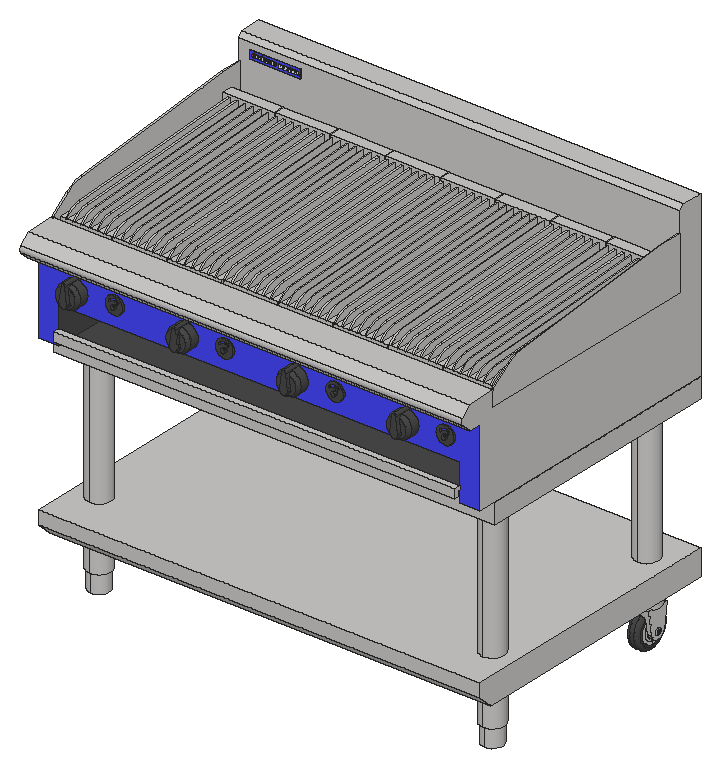
Revit family "QF_MOFFAT_BLUESEAL_CE_G598-LS", category Specialty Equipment, Revit 2012 (continued)
Automatic sketch dimensions
  plane 9 to Extrusion 14 sketch curve = 7.151 mm
  plane 12 to Extrusion 15 sketch curve = 59 mm
  plane 12 to Extrusion 15 sketch curve = 12.852 mm
  plane 12 to Extrusion 15 sketch curve = 8.738 mm
  plane 11 to Extrusion 15 sketch curve = 32 mm
  plane 9 to Extrusion 15 sketch curve = 105.155 mm
  plane 9 to Extrusion 15 sketch curve = 59.636 mm
  plane 9 to Extrusion 15 sketch curve = 7.151 mm
  plane 12 to Extrusion 16 sketch curve = 59 mm
  plane 12 to Extrusion 16 sketch curve = 12.852 mm
  plane 12 to Extrusion 16 sketch curve = 8.738 mm
  plane 11 to Extrusion 16 sketch curve = 32 mm
  plane 9 to Extrusion 16 sketch curve = 105.155 mm
  plane 9 to Extrusion 16 sketch curve = 59.636 mm
  plane 9 to Extrusion 16 sketch curve = 7.151 mm
  plane 12 to Extrusion 17 sketch curve = 59 mm
  plane 12 to Extrusion 17 sketch curve = 12.852 mm
  plane 12 to Extrusion 17 sketch curve = 8.738 mm
  plane 11 to Extrusion 17 sketch curve = 32 mm
  plane 9 to Extrusion 17 sketch curve = 105.155 mm
  plane 9 to Extrusion 17 sketch curve = 59.636 mm
  plane 9 to Extrusion 17 sketch curve = 7.151 mm
  plane 12 to Extrusion 18 sketch curve = 59 mm
  plane 12 to Extrusion 18 sketch curve = 12.852 mm
  plane 12 to Extrusion 18 sketch curve = 8.738 mm
  plane 11 to Extrusion 18 sketch curve = 32 mm
  plane 9 to Extrusion 18 sketch curve = 105.155 mm
  plane 9 to Extrusion 18 sketch curve = 59.636 mm
  plane 9 to Extrusion 18 sketch curve = 7.151 mm
  plane 12 to Extrusion 19 sketch curve = 59 mm
  plane 12 to Extrusion 19 sketch curve = 12.852 mm
  plane 12 to Extrusion 19 sketch curve = 8.738 mm
  plane 11 to Extrusion 19 sketch curve = 32 mm
  plane 9 to Extrusion 19 sketch curve = 105.155 mm
  plane 9 to Extrusion 19 sketch curve = 59.636 mm
  plane 9 to Extrusion 19 sketch curve = 7.151 mm
  plane 12 to Extrusion 20 sketch curve = 59 mm
  plane 12 to Extrusion 20 sketch curve = 12.852 mm
  plane 12 to Extrusion 20 sketch curve = 8.738 mm
  plane 11 to Extrusion 20 sketch curve = 32 mm
  plane 9 to Extrusion 20 sketch curve = 105.155 mm
  plane 9 to Extrusion 20 sketch curve = 59.636 mm
  plane 9 to Extrusion 20 sketch curve = 7.151 mm
  plane 12 to Extrusion 21 sketch curve = 59 mm
  plane 12 to Extrusion 21 sketch curve = 12.852 mm
  plane 12 to Extrusion 21 sketch curve = 8.738 mm
  plane 11 to Extrusion 21 sketch curve = 32 mm
  plane 9 to Extrusion 21 sketch curve = 105.155 mm
  plane 9 to Extrusion 21 sketch curve = 59.636 mm
  plane 9 to Extrusion 21 sketch curve = 7.151 mm
  plane 12 to Extrusion 22 sketch curve = 59 mm
  plane 12 to Extrusion 22 sketch curve = 12.852 mm
  plane 12 to Extrusion 22 sketch curve = 8.738 mm
  plane 11 to Extrusion 22 sketch curve = 32 mm
  plane 9 to Extrusion 22 sketch curve = 105.155 mm
  plane 9 to Extrusion 22 sketch curve = 59.636 mm
  plane 9 to Extrusion 22 sketch curve = 7.151 mm
  plane 12 to Extrusion 23 sketch curve = 59 mm
  plane 12 to Extrusion 23 sketch curve = 12.852 mm
  plane 12 to Extrusion 23 sketch curve = 8.738 mm
  plane 11 to Extrusion 23 sketch curve = 32 mm
  plane 9 to Extrusion 23 sketch curve = 105.155 mm
  plane 9 to Extrusion 23 sketch curve = 59.636 mm
  plane 9 to Extrusion 23 sketch curve = 7.151 mm
  plane 12 to Extrusion 24 sketch curve = 59 mm
  plane 12 to Extrusion 24 sketch curve = 12.852 mm
  plane 12 to Extrusion 24 sketch curve = 8.738 mm
  plane 11 to Extrusion 24 sketch curve = 32 mm
  plane 9 to Extrusion 24 sketch curve = 105.155 mm
  plane 9 to Extrusion 24 sketch curve = 59.636 mm
  plane 9 to Extrusion 24 sketch curve = 7.151 mm
  plane 12 to Extrusion 25 sketch curve = 59 mm
  plane 12 to Extrusion 25 sketch curve = 12.852 mm
  plane 12 to Extrusion 25 sketch curve = 8.738 mm
  plane 11 to Extrusion 25 sketch curve = 32 mm
  plane 9 to Extrusion 25 sketch curve = 105.155 mm
  plane 9 to Extrusion 25 sketch curve = 59.636 mm
  plane 9 to Extrusion 25 sketch curve = 7.151 mm
  plane 12 to Extrusion 26 sketch curve = 59 mm
  plane 12 to Extrusion 26 sketch curve = 12.852 mm
  plane 12 to Extrusion 26 sketch curve = 8.738 mm
  plane 11 to Extrusion 26 sketch curve = 32 mm
  plane 9 to Extrusion 26 sketch curve = 105.155 mm
  plane 9 to Extrusion 26 sketch curve = 59.636 mm
  plane 9 to Extrusion 26 sketch curve = 7.151 mm
  plane 12 to Extrusion 27 sketch curve = 59 mm
  plane 12 to Extrusion 27 sketch curve = 12.852 mm
  plane 12 to Extrusion 27 sketch curve = 8.738 mm
  plane 11 to Extrusion 27 sketch curve = 32 mm
  plane 9 to Extrusion 27 sketch curve = 105.155 mm
  plane 9 to Extrusion 27 sketch curve = 59.636 mm
  plane 9 to Extrusion 27 sketch curve = 7.151 mm
  plane 12 to Extrusion 28 sketch curve = 59 mm
  plane 12 to Extrusion 28 sketch curve = 12.852 mm
  plane 12 to Extrusion 28 sketch curve = 8.738 mm
  plane 11 to Extrusion 28 sketch curve = 32 mm
  plane 9 to Extrusion 28 sketch curve = 105.155 mm
  plane 9 to Extrusion 28 sketch curve = 59.636 mm
  plane 9 to Extrusion 28 sketch curve = 7.151 mm
  plane 12 to Extrusion 29 sketch curve = 59 mm
  plane 12 to Extrusion 29 sketch curve = 12.852 mm
  plane 12 to Extrusion 29 sketch curve = 8.738 mm
  plane 11 to Extrusion 29 sketch curve = 32 mm
  plane 9 to Extrusion 29 sketch curve = 105.155 mm
  plane 9 to Extrusion 29 sketch curve = 59.636 mm
  plane 9 to Extrusion 29 sketch curve = 7.151 mm
  plane 12 to Extrusion 30 sketch curve = 59 mm
  plane 12 to Extrusion 30 sketch curve = 12.852 mm
  plane 12 to Extrusion 30 sketch curve = 8.738 mm
  plane 11 to Extrusion 30 sketch curve = 32 mm
  plane 9 to Extrusion 30 sketch curve = 105.155 mm
  plane 9 to Extrusion 30 sketch curve = 59.636 mm
  plane 9 to Extrusion 30 sketch curve = 7.151 mm
  plane 12 to Extrusion 31 sketch curve = 59 mm
  plane 12 to Extrusion 31 sketch curve = 12.852 mm
  plane 12 to Extrusion 31 sketch curve = 8.738 mm
  plane 11 to Extrusion 31 sketch curve = 32 mm
  plane 9 to Extrusion 31 sketch curve = 105.155 mm
  plane 9 to Extrusion 31 sketch curve = 59.636 mm
  plane 9 to Extrusion 31 sketch curve = 7.151 mm
  plane 12 to Extrusion 32 sketch curve = 59 mm
  plane 12 to Extrusion 32 sketch curve = 12.852 mm
  plane 12 to Extrusion 32 sketch curve = 8.738 mm
  plane 11 to Extrusion 32 sketch curve = 32 mm
  plane 9 to Extrusion 32 sketch curve = 105.155 mm
  plane 9 to Extrusion 32 sketch curve = 59.636 mm
  plane 9 to Extrusion 32 sketch curve = 7.151 mm
  plane 12 to Extrusion 33 sketch curve = 59 mm
  plane 12 to Extrusion 33 sketch curve = 12.852 mm
  plane 12 to Extrusion 33 sketch curve = 8.738 mm
  plane 11 to Extrusion 33 sketch curve = 32 mm
  plane 9 to Extrusion 33 sketch curve = 105.155 mm
  plane 9 to Extrusion 33 sketch curve = 59.636 mm
  plane 9 to Extrusion 33 sketch curve = 7.151 mm
  plane 12 to Extrusion 34 sketch curve = 59 mm
  plane 12 to Extrusion 34 sketch curve = 12.852 mm
  plane 12 to Extrusion 34 sketch curve = 8.738 mm
  plane 11 to Extrusion 34 sketch curve = 32 mm
  plane 9 to Extrusion 34 sketch curve = 105.155 mm
  plane 9 to Extrusion 34 sketch curve = 59.636 mm
  plane 9 to Extrusion 34 sketch curve = 7.151 mm
  plane 12 to Extrusion 35 sketch curve = 59 mm
  plane 12 to Extrusion 35 sketch curve = 12.852 mm
  plane 12 to Extrusion 35 sketch curve = 8.738 mm
  plane 11 to Extrusion 35 sketch curve = 32 mm
  plane 9 to Extrusion 35 sketch curve = 105.155 mm
  plane 9 to Extrusion 35 sketch curve = 59.636 mm
  plane 9 to Extrusion 35 sketch curve = 7.151 mm
  plane 1 "BACK" to Extrusion 36 sketch curve = 31 mm
  plane 13 to Extrusion 36 sketch curve = 150.5 mm
  plane 9 to Extrusion 37 sketch curve = 0 mm
  plane 12 to Extrusion 37 sketch curve = 59 mm
  plane 11 to Extrusion 37 sketch curve = 32 mm
  plane 11 to Extrusion 37 sketch curve = 2 mm
  plane 9 to Extrusion 37 sketch curve = 59.636 mm
  Extrusion 37 sketch curve to Extrusion 37 sketch curve = 35.364 mm
  plane 9 to Extrusion 38 sketch curve = 0 mm
  plane 12 to Extrusion 38 sketch curve = 59 mm
  plane 11 to Extrusion 38 sketch curve = 32 mm
  plane 11 to Extrusion 38 sketch curve = 2 mm
  plane 9 to Extrusion 38 sketch curve = 59.636 mm
  Extrusion 38 sketch curve to Extrusion 38 sketch curve = 35.364 mm
  plane 9 to Extrusion 39 sketch curve = 0 mm
  plane 12 to Extrusion 39 sketch curve = 59 mm
  plane 11 to Extrusion 39 sketch curve = 32 mm
  plane 11 to Extrusion 39 sketch curve = 2 mm
  plane 9 to Extrusion 39 sketch curve = 59.636 mm
  Extrusion 39 sketch curve to Extrusion 39 sketch curve = 35.364 mm
  plane 9 to Extrusion 40 sketch curve = 0 mm
  plane 12 to Extrusion 40 sketch curve = 59 mm
  plane 11 to Extrusion 40 sketch curve = 32 mm
  plane 11 to Extrusion 40 sketch curve = 2 mm
  plane 9 to Extrusion 40 sketch curve = 59.636 mm
  Extrusion 40 sketch curve to Extrusion 40 sketch curve = 35.364 mm
  Extrusion 1 to Extrusion 41 sketch curve = 44.5 mm  (x4)
  Extrusion 41 sketch curve to Extrusion 41 sketch curve = 1.218 mm  (x4)
  Extrusion 41 sketch curve to Extrusion 41 sketch curve = 1.97 mm  (x8)
  Extrusion 41 sketch curve to Extrusion 41 sketch curve = 1.724 mm  (x4)
  Extrusion 41 sketch curve to Extrusion 41 sketch curve = 1.683 mm  (x4)
  Extrusion 41 sketch curve to Extrusion 41 sketch curve = 6.674 mm  (x4)
  Extrusion 41 sketch curve to Extrusion 41 sketch curve = 0.195 mm  (x4)
  Extrusion 41 sketch curve to Extrusion 41 sketch curve = 2.662 mm  (x4)
  Extrusion 1 to Extrusion 41 sketch curve = 193.209 mm
  Extrusion 41 sketch curve to Extrusion 41 sketch curve = 2.986 mm  (x4)
  Extrusion 41 sketch curve to Extrusion 41 sketch curve = 8.796 mm  (x4)
  Extrusion 41 sketch curve to Extrusion 41 sketch curve = 0.103 mm  (x4)
  Extrusion 41 sketch curve to Extrusion 41 sketch curve = 0.102 mm  (x4)
  Extrusion 41 sketch curve to Extrusion 41 sketch curve = 271.13 mm  (x2)
  Extrusion 1 to Extrusion 41 sketch curve = 106.791 mm
  Extrusion 42 sketch curve to Extrusion 42 sketch curve = 0 mm  (x3)
  Extrusion 42 sketch curve to Extrusion 42 sketch curve = 300 mm  (x3)
  Revolve 43 sketch curve to plane 5 "FRONT" = 19 mm
  Revolve 43 sketch curve to Revolve 43 sketch curve = 0 mm  (x2)
  Revolve 43 sketch curve to Revolve 43 sketch curve = 11 mm
  Revolve 43 sketch curve to Revolve 43 sketch curve = 12.7 mm
  Revolve 43 sketch curve to Revolve 43 sketch curve = 23 mm
  Revolve 43 sketch curve to Revolve 43 sketch curve = 10 mm
  plane 9 to Revolve 43 sketch curve = 175.2 mm
  Revolve 43 sketch curve to Revolve 43 sketch curve = 5 mm
  Revolve 43 sketch curve to Revolve 43 sketch curve = 26.651 mm
  Revolve 43 sketch curve to Revolve 43 sketch curve = 5.849 mm
  Extrusion 44 sketch curve to plane 7 "Center Y" = 202.487 mm
  Extrusion 44 sketch curve to Extrusion 44 sketch curve = 5.489 mm
  Extrusion 44 sketch curve to Extrusion 44 sketch curve = 4.999 mm  (x2)
  Extrusion 44 sketch curve to Extrusion 44 sketch curve = 10.487 mm
  plane 9 to Extrusion 44 sketch curve = 143.087 mm
  Extrusion 44 sketch curve to Extrusion 44 sketch curve = 10.419 mm
  Extrusion 44 sketch curve to Extrusion 44 sketch curve = 0.113 mm
  Extrusion 44 sketch curve to Extrusion 44 sketch curve = 42.919 mm
  Extrusion 44 sketch curve to Extrusion 44 sketch curve = 1.167 mm
  Extrusion 45 sketch curve to Extrusion 1 = 0 mm
  Extrusion 45 sketch curve to Extrusion 1 = 100 mm
  Extrusion 45 sketch curve to Extrusion 1 = 55 mm  (x2)
  Extrusion 45 to Extrusion 46 sketch curve = 0 mm
  Extrusion 46 sketch curve to Extrusion 45 = 5.924 mm
  Extrusion 46 sketch curve to Extrusion 45 = 16.797 mm
  Extrusion 46 sketch curve to Extrusion 46 sketch curve = 15 mm
  Extrusion 46 sketch curve to Extrusion 46 sketch curve = 10 mm  (x2)
  Extrusion 45 to Extrusion 46 sketch curve = 31.346 mm
  Extrusion 46 sketch curve to Extrusion 46 sketch curve = 18.654 mm
  Revolve 47 sketch curve to level = 0 mm
  Revolve 47 sketch curve to plane 11 = 0 mm  (x2)
  plane 11 to Revolve 47 sketch curve = 27.5 mm
  plane 11 to Revolve 47 sketch curve = 31.75 mm
  Revolve 47 sketch curve to Revolve 47 sketch curve = 55 mm
  level to Revolve 47 sketch curve = 50 mm
  Revolve 47 sketch curve to Revolve 47 sketch curve = 0 mm
  Revolve 47 sketch curve to Revolve 47 sketch curve = 100 mm
  plane 3 "LEFT" to Revolve 48 sketch curve = 31.118 mm
  Revolve 48 sketch curve to Revolve 48 sketch curve = 1.27 mm  (x4)
  Revolve 48 sketch curve to Revolve 48 sketch curve = 1.524 mm  (x2)
  Revolve 48 sketch curve to Revolve 48 sketch curve = 12.146 mm  (x2)
  Revolve 48 sketch curve to plane 13 = 16.68 mm
  Revolve 48 sketch curve to Revolve 48 sketch curve = 0.794 mm  (x2)
  Revolve 48 sketch curve to Revolve 48 sketch curve = 3.57 mm
  Revolve 48 sketch curve to Revolve 48 sketch curve = 2.143 mm
  Revolve 48 sketch curve to plane 13 = 6.361 mm
  plane 13 to Revolve 48 sketch curve = 5.13 mm
  plane 13 to Revolve 48 sketch curve = 6.339 mm
  plane 13 to Revolve 48 sketch curve = 14.515 mm
  Revolve 48 sketch curve to Revolve 48 sketch curve = 1.349 mm  (x2)
  Revolve 48 sketch curve to Revolve 48 sketch curve = 3.556 mm
  Revolve 48 sketch curve to Revolve 48 sketch curve = 33.32 mm
  level to Revolve 48 sketch curve = 49.952 mm
  Revolve 48 sketch curve to Revolve 48 sketch curve = 0 mm
  Revolve 48 sketch curve to Revolve 48 sketch curve = 3.505 mm  (x2)
  Revolve 48 sketch curve to Revolve 48 sketch curve = 3.447 mm  (x2)
  Revolve 48 sketch curve to Revolve 48 sketch curve = 9.964 mm
  Revolve 48 sketch curve to Revolve 48 sketch curve = 10.045 mm
  Revolve 48 sketch curve to Revolve 48 sketch curve = 2.053 mm
  Revolve 48 sketch curve to Revolve 48 sketch curve = 2.061 mm
  Revolve 48 sketch curve to Revolve 48 sketch curve = 8.247 mm
  Revolve 48 sketch curve to Revolve 48 sketch curve = 8.336 mm
  Revolve 48 sketch curve to Revolve 48 sketch curve = 6.35 mm  (x2)
  Extrusion 49 sketch curve to plane 11 = 0 mm
  plane 11 to Extrusion 49 sketch curve = 19.393 mm
  plane 11 to Extrusion 49 sketch curve = 31.75 mm
  Extrusion 49 sketch curve to plane 11 = 19.393 mm
  Extrusion 49 sketch curve to plane 11 = 31.75 mm
  level to Extrusion 49 sketch curve = 45.111 mm
  Extrusion 49 sketch curve to Extrusion 49 sketch curve = 4.889 mm
  Extrusion 49 sketch curve to Extrusion 49 sketch curve = 64.889 mm
  Revolve 50 sketch curve to plane 11 = 0 mm  (x2)
  plane 11 to Revolve 50 sketch curve = 35.75 mm
  Revolve 50 sketch curve to level = 55 mm
  level to Revolve 50 sketch curve = 50 mm
  Revolve 50 sketch curve to Revolve 50 sketch curve = 60 mm
  Revolve 50 sketch curve to Revolve 50 sketch curve = 40 mm
  Revolve 51 sketch curve to level = 0 mm
  Revolve 51 sketch curve to plane 11 = 0 mm  (x2)
  Revolve 51 sketch curve to Revolve 51 sketch curve = 27.5 mm
  Revolve 51 sketch curve to Revolve 51 sketch curve = 31.75 mm
  Revolve 51 sketch curve to Revolve 51 sketch curve = 55 mm
  level to Revolve 51 sketch curve = 50 mm
  Revolve 51 sketch curve to Revolve 51 sketch curve = 0 mm
  Revolve 51 sketch curve to Revolve 51 sketch curve = 100 mm
  plane 12 to Extrusion 52 sketch curve = 59 mm
  plane 12 to Extrusion 52 sketch curve = 12.852 mm
  plane 12 to Extrusion 52 sketch curve = 8.738 mm
  plane 11 to Extrusion 52 sketch curve = 32 mm
  plane 9 to Extrusion 52 sketch curve = 105.155 mm
  plane 9 to Extrusion 52 sketch curve = 59.636 mm
  plane 9 to Extrusion 52 sketch curve = 7.151 mm
  plane 12 to Extrusion 53 sketch curve = 59 mm
  plane 12 to Extrusion 53 sketch curve = 12.852 mm
  plane 12 to Extrusion 53 sketch curve = 8.738 mm
  plane 11 to Extrusion 53 sketch curve = 32 mm
  plane 9 to Extrusion 53 sketch curve = 105.155 mm
  plane 9 to Extrusion 53 sketch curve = 59.636 mm
  plane 9 to Extrusion 53 sketch curve = 7.151 mm
  plane 12 to Extrusion 54 sketch curve = 59 mm
  plane 12 to Extrusion 54 sketch curve = 12.852 mm
  plane 12 to Extrusion 54 sketch curve = 8.738 mm
  plane 11 to Extrusion 54 sketch curve = 32 mm
  plane 9 to Extrusion 54 sketch curve = 105.155 mm
  plane 9 to Extrusion 54 sketch curve = 59.636 mm
  plane 9 to Extrusion 54 sketch curve = 7.151 mm
  plane 12 to Extrusion 55 sketch curve = 59 mm
  plane 12 to Extrusion 55 sketch curve = 12.852 mm
  plane 12 to Extrusion 55 sketch curve = 8.738 mm
  plane 11 to Extrusion 55 sketch curve = 32 mm
  plane 9 to Extrusion 55 sketch curve = 105.155 mm
  plane 9 to Extrusion 55 sketch curve = 59.636 mm
  plane 9 to Extrusion 55 sketch curve = 7.151 mm
  plane 12 to Extrusion 56 sketch curve = 59 mm
  plane 12 to Extrusion 56 sketch curve = 12.852 mm
  plane 12 to Extrusion 56 sketch curve = 8.738 mm
  plane 11 to Extrusion 56 sketch curve = 32 mm
  plane 9 to Extrusion 56 sketch curve = 105.155 mm
  plane 9 to Extrusion 56 sketch curve = 59.636 mm
  plane 9 to Extrusion 56 sketch curve = 7.151 mm
  plane 12 to Extrusion 57 sketch curve = 59 mm
  plane 12 to Extrusion 57 sketch curve = 12.852 mm
  plane 12 to Extrusion 57 sketch curve = 8.738 mm
  plane 11 to Extrusion 57 sketch curve = 32 mm
  plane 9 to Extrusion 57 sketch curve = 105.155 mm
  plane 9 to Extrusion 57 sketch curve = 59.636 mm
  plane 9 to Extrusion 57 sketch curve = 7.151 mm
  plane 12 to Extrusion 58 sketch curve = 59 mm
  plane 12 to Extrusion 58 sketch curve = 12.852 mm
  plane 12 to Extrusion 58 sketch curve = 8.738 mm
  plane 11 to Extrusion 58 sketch curve = 32 mm
  plane 9 to Extrusion 58 sketch curve = 105.155 mm
  plane 9 to Extrusion 58 sketch curve = 59.636 mm
  plane 9 to Extrusion 58 sketch curve = 7.151 mm
  plane 9 to Extrusion 59 sketch curve = 0 mm
  plane 12 to Extrusion 59 sketch curve = 59 mm
  plane 11 to Extrusion 59 sketch curve = 32 mm
  plane 11 to Extrusion 59 sketch curve = 2 mm
  plane 9 to Extrusion 59 sketch curve = 59.636 mm
  Extrusion 59 sketch curve to Extrusion 59 sketch curve = 35.364 mm
  plane 12 to Extrusion 60 sketch curve = 59 mm
  plane 12 to Extrusion 60 sketch curve = 12.852 mm
  plane 12 to Extrusion 60 sketch curve = 8.738 mm
  plane 11 to Extrusion 60 sketch curve = 32 mm
  plane 9 to Extrusion 60 sketch curve = 105.155 mm
  plane 9 to Extrusion 60 sketch curve = 59.636 mm
  plane 9 to Extrusion 60 sketch curve = 7.151 mm
  plane 12 to Extrusion 61 sketch curve = 59 mm
  plane 12 to Extrusion 61 sketch curve = 12.852 mm
  plane 12 to Extrusion 61 sketch curve = 8.738 mm
  plane 11 to Extrusion 61 sketch curve = 32 mm
  plane 9 to Extrusion 61 sketch curve = 105.155 mm
  plane 9 to Extrusion 61 sketch curve = 59.636 mm
  plane 9 to Extrusion 61 sketch curve = 7.151 mm
  plane 12 to Extrusion 62 sketch curve = 59 mm
  plane 12 to Extrusion 62 sketch curve = 12.852 mm
  plane 12 to Extrusion 62 sketch curve = 8.738 mm
  plane 11 to Extrusion 62 sketch curve = 32 mm
  plane 9 to Extrusion 62 sketch curve = 105.155 mm
  plane 9 to Extrusion 62 sketch curve = 59.636 mm
  plane 9 to Extrusion 62 sketch curve = 7.151 mm
  plane 12 to Extrusion 63 sketch curve = 59 mm
  plane 12 to Extrusion 63 sketch curve = 12.852 mm
  plane 12 to Extrusion 63 sketch curve = 8.738 mm
  plane 11 to Extrusion 63 sketch curve = 32 mm
  plane 9 to Extrusion 63 sketch curve = 105.155 mm
  plane 9 to Extrusion 63 sketch curve = 59.636 mm
  plane 9 to Extrusion 63 sketch curve = 7.151 mm
  plane 12 to Extrusion 64 sketch curve = 59 mm
  plane 12 to Extrusion 64 sketch curve = 12.852 mm
  plane 12 to Extrusion 64 sketch curve = 8.738 mm
  plane 11 to Extrusion 64 sketch curve = 32 mm
  plane 9 to Extrusion 64 sketch curve = 105.155 mm
  plane 9 to Extrusion 64 sketch curve = 59.636 mm
  plane 9 to Extrusion 64 sketch curve = 7.151 mm
  plane 12 to Extrusion 65 sketch curve = 59 mm
  plane 12 to Extrusion 65 sketch curve = 12.852 mm
  plane 12 to Extrusion 65 sketch curve = 8.738 mm
  plane 11 to Extrusion 65 sketch curve = 32 mm
  plane 9 to Extrusion 65 sketch curve = 105.155 mm
  plane 9 to Extrusion 65 sketch curve = 59.636 mm
  plane 9 to Extrusion 65 sketch curve = 7.151 mm
  plane 12 to Extrusion 66 sketch curve = 59 mm
  plane 12 to Extrusion 66 sketch curve = 12.852 mm
  plane 12 to Extrusion 66 sketch curve = 8.738 mm
  plane 11 to Extrusion 66 sketch curve = 32 mm
  plane 9 to Extrusion 66 sketch curve = 105.155 mm
  plane 9 to Extrusion 66 sketch curve = 59.636 mm
  plane 9 to Extrusion 66 sketch curve = 7.151 mm
  plane 9 to Extrusion 67 sketch curve = 0 mm
  plane 12 to Extrusion 67 sketch curve = 59 mm
  plane 11 to Extrusion 67 sketch curve = 32 mm
  plane 11 to Extrusion 67 sketch curve = 2 mm
  plane 9 to Extrusion 67 sketch curve = 59.636 mm
  Extrusion 67 sketch curve to Extrusion 67 sketch curve = 35.364 mm
  Extrusion 68 sketch curve to Extrusion 1 = 0 mm
  Extrusion 68 sketch curve to Extrusion 1 = 100 mm
  Extrusion 68 sketch curve to Extrusion 1 = 55 mm  (x2)
  Revolve 69 sketch curve to plane 5 "FRONT" = 19 mm
  Revolve 69 sketch curve to Revolve 69 sketch curve = 0 mm  (x2)
  Revolve 69 sketch curve to Revolve 69 sketch curve = 11 mm
  Revolve 69 sketch curve to Revolve 69 sketch curve = 12.7 mm
  Revolve 69 sketch curve to Revolve 69 sketch curve = 23 mm
  Revolve 69 sketch curve to Revolve 69 sketch curve = 10 mm
  plane 9 to Revolve 69 sketch curve = 175.2 mm
  Revolve 69 sketch curve to Revolve 69 sketch curve = 5 mm
  Revolve 69 sketch curve to Revolve 69 sketch curve = 26.651 mm
  Revolve 69 sketch curve to Revolve 69 sketch curve = 5.849 mm
  plane 7 "Center Y" to Extrusion 70 sketch curve = 97.513 mm
  Extrusion 70 sketch curve to Extrusion 70 sketch curve = 5.489 mm
  Extrusion 70 sketch curve to Extrusion 70 sketch curve = 4.999 mm  (x2)
  Extrusion 70 sketch curve to Extrusion 70 sketch curve = 10.487 mm
  Extrusion 70 sketch curve to Extrusion 70 sketch curve = 10.419 mm
  plane 9 to Extrusion 70 sketch curve = 187.2 mm
  Extrusion 70 sketch curve to Extrusion 70 sketch curve = 0.028 mm
  Extrusion 70 sketch curve to Extrusion 70 sketch curve = 44 mm
  Extrusion 70 sketch curve to Extrusion 70 sketch curve = 0.113 mm
  Split face 1 sketch curve to Extrusion 1 = 27.315 mm
  Split face 1 sketch curve to Extrusion 1 = 284.66 mm
  Split face 1 sketch curve to Split face 1 sketch curve = 4.041 mm  (x4)
  Split face 1 sketch curve to Split face 1 sketch curve = 8.66 mm  (x2)
  Split face 1 sketch curve to Extrusion 1 = 12.315 mm
  Split face 1 sketch curve to Extrusion 1 = 48.041 mm
  Split face 1 sketch curve to Split face 1 sketch curve = 7 mm  (x3)
  Split face 1 sketch curve to Split face 1 sketch curve = 17 mm
  Split face 2 sketch curve to Extrusion 1 = 27.315 mm
  Split face 2 sketch curve to Extrusion 1 = 327.36 mm
  Split face 2 sketch curve to Split face 2 sketch curve = 4.041 mm  (x4)
  Split face 2 sketch curve to Split face 2 sketch curve = 8.66 mm  (x2)
  Split face 2 sketch curve to Extrusion 1 = 12.315 mm
  Split face 2 sketch curve to Split face 2 sketch curve = 223.917 mm
  Split face 2 sketch curve to Split face 2 sketch curve = 7 mm  (x3)
  Split face 2 sketch curve to Split face 2 sketch curve = 17 mm
  Split face 3 sketch curve to Extrusion 1 = 39.381 mm
  Split face 3 sketch curve to Split face 3 sketch curve = 4.041 mm  (x3)
  Split face 3 sketch curve to Split face 3 sketch curve = 8.66 mm  (x3)
  Split face 3 sketch curve to Extrusion 1 = 12.315 mm
  Split face 3 sketch curve to Split face 3 sketch curve = 223.917 mm
  Split face 3 sketch curve to Split face 3 sketch curve = 5 mm
  Split face 3 sketch curve to Split face 3 sketch curve = 10 mm
  Split face 3 sketch curve to Split face 3 sketch curve = 7 mm  (x3)
  plane 12 to Extrusion 71 sketch curve = 59 mm
  plane 12 to Extrusion 71 sketch curve = 12.852 mm
  plane 12 to Extrusion 71 sketch curve = 8.738 mm
  plane 11 to Extrusion 71 sketch curve = 32 mm
  plane 9 to Extrusion 71 sketch curve = 105.155 mm
  plane 9 to Extrusion 71 sketch curve = 59.636 mm
  plane 9 to Extrusion 71 sketch curve = 7.151 mm
  plane 12 to Extrusion 72 sketch curve = 59 mm
  plane 12 to Extrusion 72 sketch curve = 12.852 mm
  plane 12 to Extrusion 72 sketch curve = 8.738 mm
  plane 11 to Extrusion 72 sketch curve = 32 mm
  plane 9 to Extrusion 72 sketch curve = 105.155 mm
  plane 9 to Extrusion 72 sketch curve = 59.636 mm
  plane 9 to Extrusion 72 sketch curve = 7.151 mm
  plane 12 to Extrusion 73 sketch curve = 59 mm
  plane 12 to Extrusion 73 sketch curve = 12.852 mm
  plane 12 to Extrusion 73 sketch curve = 8.738 mm
  plane 11 to Extrusion 73 sketch curve = 32 mm
  plane 9 to Extrusion 73 sketch curve = 105.155 mm
  plane 9 to Extrusion 73 sketch curve = 59.636 mm
  plane 9 to Extrusion 73 sketch curve = 7.151 mm
  plane 12 to Extrusion 74 sketch curve = 59 mm
  plane 12 to Extrusion 74 sketch curve = 12.852 mm
  plane 12 to Extrusion 74 sketch curve = 8.738 mm
  plane 11 to Extrusion 74 sketch curve = 32 mm
  plane 9 to Extrusion 74 sketch curve = 105.155 mm
  plane 9 to Extrusion 74 sketch curve = 59.636 mm
  plane 9 to Extrusion 74 sketch curve = 7.151 mm
  plane 12 to Extrusion 75 sketch curve = 59 mm
  plane 12 to Extrusion 75 sketch curve = 12.852 mm
  plane 12 to Extrusion 75 sketch curve = 8.738 mm
  plane 11 to Extrusion 75 sketch curve = 32 mm
  plane 9 to Extrusion 75 sketch curve = 105.155 mm
  plane 9 to Extrusion 75 sketch curve = 59.636 mm
  plane 9 to Extrusion 75 sketch curve = 7.151 mm
  plane 12 to Extrusion 76 sketch curve = 59 mm
  plane 12 to Extrusion 76 sketch curve = 12.852 mm
  plane 12 to Extrusion 76 sketch curve = 8.738 mm
  plane 11 to Extrusion 76 sketch curve = 32 mm
  plane 9 to Extrusion 76 sketch curve = 105.155 mm
  plane 9 to Extrusion 76 sketch curve = 59.636 mm
  plane 9 to Extrusion 76 sketch curve = 7.151 mm
  plane 12 to Extrusion 77 sketch curve = 59 mm
  plane 12 to Extrusion 77 sketch curve = 12.852 mm
  plane 12 to Extrusion 77 sketch curve = 8.738 mm
  plane 11 to Extrusion 77 sketch curve = 32 mm
  plane 9 to Extrusion 77 sketch curve = 105.155 mm
  plane 9 to Extrusion 77 sketch curve = 59.636 mm
  plane 9 to Extrusion 77 sketch curve = 7.151 mm
  plane 9 to Extrusion 78 sketch curve = 0 mm
  plane 12 to Extrusion 78 sketch curve = 59 mm
  plane 11 to Extrusion 78 sketch curve = 32 mm
  plane 11 to Extrusion 78 sketch curve = 2 mm
  plane 9 to Extrusion 78 sketch curve = 59.636 mm
  Extrusion 78 sketch curve to Extrusion 78 sketch curve = 35.364 mm
  plane 12 to Extrusion 79 sketch curve = 59 mm
  plane 12 to Extrusion 79 sketch curve = 12.852 mm
  plane 12 to Extrusion 79 sketch curve = 8.738 mm
  plane 11 to Extrusion 79 sketch curve = 32 mm
  plane 9 to Extrusion 79 sketch curve = 105.155 mm
  plane 9 to Extrusion 79 sketch curve = 59.636 mm
  plane 9 to Extrusion 79 sketch curve = 7.151 mm
  plane 12 to Extrusion 80 sketch curve = 59 mm
  plane 12 to Extrusion 80 sketch curve = 12.852 mm
  plane 12 to Extrusion 80 sketch curve = 8.738 mm
  plane 11 to Extrusion 80 sketch curve = 32 mm
  plane 9 to Extrusion 80 sketch curve = 105.155 mm
  plane 9 to Extrusion 80 sketch curve = 59.636 mm
  plane 9 to Extrusion 80 sketch curve = 7.151 mm
  plane 12 to Extrusion 81 sketch curve = 59 mm
  plane 12 to Extrusion 81 sketch curve = 12.852 mm
  plane 12 to Extrusion 81 sketch curve = 8.738 mm
  plane 11 to Extrusion 81 sketch curve = 32 mm
  plane 9 to Extrusion 81 sketch curve = 105.155 mm
  plane 9 to Extrusion 81 sketch curve = 59.636 mm
  plane 9 to Extrusion 81 sketch curve = 7.151 mm
  plane 12 to Extrusion 82 sketch curve = 59 mm
  plane 12 to Extrusion 82 sketch curve = 12.852 mm
  plane 12 to Extrusion 82 sketch curve = 8.738 mm
  plane 11 to Extrusion 82 sketch curve = 32 mm
  plane 9 to Extrusion 82 sketch curve = 105.155 mm
  plane 9 to Extrusion 82 sketch curve = 59.636 mm
  plane 9 to Extrusion 82 sketch curve = 7.151 mm
  plane 12 to Extrusion 83 sketch curve = 59 mm
  plane 12 to Extrusion 83 sketch curve = 12.852 mm
  plane 12 to Extrusion 83 sketch curve = 8.738 mm
  plane 11 to Extrusion 83 sketch curve = 32 mm
  plane 9 to Extrusion 83 sketch curve = 105.155 mm
  plane 9 to Extrusion 83 sketch curve = 59.636 mm
  plane 9 to Extrusion 83 sketch curve = 7.151 mm
  plane 12 to Extrusion 84 sketch curve = 59 mm
  plane 12 to Extrusion 84 sketch curve = 12.852 mm
  plane 12 to Extrusion 84 sketch curve = 8.738 mm
  plane 11 to Extrusion 84 sketch curve = 32 mm
  plane 9 to Extrusion 84 sketch curve = 105.155 mm
  plane 9 to Extrusion 84 sketch curve = 59.636 mm
  plane 9 to Extrusion 84 sketch curve = 7.151 mm
  plane 12 to Extrusion 85 sketch curve = 59 mm
  plane 12 to Extrusion 85 sketch curve = 12.852 mm
  plane 12 to Extrusion 85 sketch curve = 8.738 mm
  plane 11 to Extrusion 85 sketch curve = 32 mm
  plane 9 to Extrusion 85 sketch curve = 105.155 mm
  plane 9 to Extrusion 85 sketch curve = 59.636 mm
  plane 9 to Extrusion 85 sketch curve = 7.151 mm
  plane 9 to Extrusion 86 sketch curve = 0 mm
  plane 12 to Extrusion 86 sketch curve = 59 mm
  plane 11 to Extrusion 86 sketch curve = 32 mm
  plane 11 to Extrusion 86 sketch curve = 2 mm
  plane 9 to Extrusion 86 sketch curve = 59.636 mm
  Extrusion 86 sketch curve to Extrusion 86 sketch curve = 35.364 mm
  Revolve 87 sketch curve to plane 11 = 0 mm  (x2)
  Revolve 87 sketch curve to Revolve 87 sketch curve = 31.75 mm
  plane 9 to Revolve 87 sketch curve = 385 mm
  level to Revolve 87 sketch curve = 222.5 mm
  level to Revolve 87 sketch curve = 50 mm
  Revolve 87 sketch curve to level = 55 mm
  Revolve 88 sketch curve to level = 0 mm
  Revolve 88 sketch curve to plane 11 = 0 mm  (x2)
  Revolve 88 sketch curve to Revolve 88 sketch curve = 27.5 mm
  Revolve 88 sketch curve to Revolve 88 sketch curve = 31.75 mm
  level to Revolve 88 sketch curve = 50 mm
  Revolve 88 sketch curve to Revolve 88 sketch curve = 0 mm
  Revolve 88 sketch curve to Revolve 88 sketch curve = 100 mm
  Revolve 88 sketch curve to Revolve 88 sketch curve = 55 mm
  plane 14 to Revolve 89 sketch curve = 34.511 mm
  Revolve 89 sketch curve to Revolve 89 sketch curve = 1.27 mm  (x4)
  Revolve 89 sketch curve to Revolve 89 sketch curve = 1.524 mm  (x2)
  Revolve 89 sketch curve to Revolve 89 sketch curve = 12.146 mm  (x2)
  plane 14 to Revolve 89 sketch curve = 16.809 mm
  Revolve 89 sketch curve to Revolve 89 sketch curve = 0.794 mm  (x2)
  Revolve 89 sketch curve to Revolve 89 sketch curve = 3.57 mm
  Revolve 89 sketch curve to Revolve 89 sketch curve = 2.143 mm
  plane 14 to Revolve 89 sketch curve = 6.49 mm
  Revolve 89 sketch curve to plane 14 = 5.001 mm
  Revolve 89 sketch curve to plane 14 = 6.21 mm
  Revolve 89 sketch curve to plane 14 = 14.386 mm
  Revolve 89 sketch curve to Revolve 89 sketch curve = 1.349 mm  (x2)
  Revolve 89 sketch curve to Revolve 89 sketch curve = 3.556 mm
  Revolve 89 sketch curve to plane 4 "RIGHT" = 2.051 mm
  level to Revolve 89 sketch curve = 49.952 mm
  Revolve 89 sketch curve to Revolve 89 sketch curve = 0 mm
  Revolve 89 sketch curve to Revolve 89 sketch curve = 3.505 mm  (x2)
  Revolve 89 sketch curve to Revolve 89 sketch curve = 3.447 mm  (x2)
  Revolve 89 sketch curve to Revolve 89 sketch curve = 9.964 mm
  Revolve 89 sketch curve to Revolve 89 sketch curve = 10.045 mm
  Revolve 89 sketch curve to Revolve 89 sketch curve = 2.053 mm
  Revolve 89 sketch curve to Revolve 89 sketch curve = 2.061 mm
  Revolve 89 sketch curve to Revolve 89 sketch curve = 8.247 mm
  Revolve 89 sketch curve to Revolve 89 sketch curve = 8.336 mm
  Revolve 89 sketch curve to Revolve 89 sketch curve = 6.35 mm  (x2)
  Extrusion 90 sketch curve to plane 11 = 0 mm
  plane 11 to Extrusion 90 sketch curve = 19.393 mm
  plane 11 to Extrusion 90 sketch curve = 31.75 mm
  Extrusion 90 sketch curve to plane 11 = 19.393 mm
  Extrusion 90 sketch curve to plane 11 = 31.75 mm
  level to Extrusion 90 sketch curve = 45.111 mm
  Extrusion 90 sketch curve to Extrusion 90 sketch curve = 4.889 mm
  Extrusion 90 sketch curve to Extrusion 90 sketch curve = 64.889 mm
  Revolve 91 sketch curve to plane 11 = 0 mm  (x2)
  Revolve 91 sketch curve to Revolve 91 sketch curve = 35.75 mm
  Revolve 91 sketch curve to level = 55 mm
  level to Revolve 91 sketch curve = 50 mm
  Revolve 91 sketch curve to Revolve 91 sketch curve = 60 mm
  Revolve 91 sketch curve to Revolve 91 sketch curve = 40 mm
  Split face 4 sketch curve to Extrusion 1 = 27.315 mm
  Split face 4 sketch curve to Extrusion 1 = 584.66 mm
  Split face 4 sketch curve to Split face 4 sketch curve = 4.041 mm  (x4)
  Split face 4 sketch curve to Split face 4 sketch curve = 8.66 mm  (x2)
  Split face 4 sketch curve to Extrusion 1 = 12.315 mm
  Split face 4 sketch curve to Split face 4 sketch curve = 223.917 mm
  Split face 4 sketch curve to Split face 4 sketch curve = 7 mm  (x3)
  Split face 4 sketch curve to Split face 4 sketch curve = 17 mm
  Revolve 92 sketch curve to plane 5 "FRONT" = 19 mm
  Revolve 92 sketch curve to Revolve 92 sketch curve = 0 mm  (x2)
  Revolve 92 sketch curve to Revolve 92 sketch curve = 11 mm
  Revolve 92 sketch curve to Revolve 92 sketch curve = 12.7 mm
  Revolve 92 sketch curve to Revolve 92 sketch curve = 23 mm
  Revolve 92 sketch curve to Revolve 92 sketch curve = 10 mm
  plane 9 to Revolve 92 sketch curve = 175.2 mm
  Revolve 92 sketch curve to Revolve 92 sketch curve = 5 mm
  Revolve 92 sketch curve to Revolve 92 sketch curve = 26.651 mm
  Revolve 92 sketch curve to Revolve 92 sketch curve = 5.849 mm
  plane 14 to Extrusion 93 sketch curve = 136.987 mm
  Extrusion 93 sketch curve to Extrusion 93 sketch curve = 5.489 mm
  Extrusion 93 sketch curve to Extrusion 93 sketch curve = 4.999 mm  (x2)
  Extrusion 93 sketch curve to Extrusion 93 sketch curve = 10.487 mm
  Extrusion 93 sketch curve to Extrusion 93 sketch curve = 10.419 mm
  plane 9 to Extrusion 93 sketch curve = 187.2 mm
  Extrusion 93 sketch curve to Extrusion 93 sketch curve = 0.028 mm
  Extrusion 93 sketch curve to Extrusion 93 sketch curve = 44 mm
  Extrusion 93 sketch curve to Extrusion 93 sketch curve = 0.113 mm
  curve 10 to plane 3 "LEFT" = 0 mm
  curve 11 to plane 4 "RIGHT" = 0 mm
  plane 1 "BACK" to curve 9 = 0 mm
  plane 3 "LEFT" to curve 3 = 27.656 mm
  curve 3 to plane 13 = 10.348 mm
  plane 13 to curve 2 = 12.956 mm
  plane 14 to curve 7 = 36.973 mm
  plane 14 to curve 7 = 9.477 mm
  curve 5 to plane 14 = 13.827 mm
  plane 1 "BACK" to curve 1 = 46.735 mm
  plane 1 "BACK" to curve 5 = 46.735 mm
  curve 5 to curve 5 = 15.875 mm
  curve 1 to curve 1 = 15.875 mm
  curve 12 to plane 5 "FRONT" = 0.001 mm
  curve 13 to plane 11 = 42.5 mm
  curve 14 to curve 13 = 12.5 mm
  plane 12 to curve 15 = 80 mm
  curve 11 to curve 16 = 28.029 mm
  plane 7 "Center Y" to curve 23 = 23.319 mm
  curve 24 to curve 22 = 4.041 mm
  curve 23 to curve 24 = 8.66 mm
  curve 22 to curve 22 = 8.66 mm
  plane 1 "BACK" to curve 17 = 18.185 mm
  curve 18 to curve 21 = 4.041 mm
  plane 1 "BACK" to curve 19 = 23.185 mm
  curve 18 to curve 19 = 8.66 mm
  plane 1 "BACK" to curve 19 = 30.185 mm
  curve 19 to curve 19 = 4.041 mm
  curve 20 to curve 19 = 15 mm
  curve 21 to curve 22 = 5 mm
  curve 23 to curve 24 = 7 mm
  plane 1 "BACK" to curve 27 = 33.185 mm
  curve 19 to curve 27 = 38.659 mm
  curve 27 to curve 28 = 4.041 mm
  curve 26 to curve 26 = 8.66 mm
  curve 27 to curve 28 = 8.66 mm
  curve 32 to plane 14 = 13.417 mm
  curve 5 to curve 30 = 3.632 mm
  curve 32 to curve 31 = 8.66 mm
  curve 32 to curve 31 = 4.041 mm
  curve 28 to curve 27 = 12 mm
  curve 27 to curve 27 = 7 mm
  curve 29 to curve 30 = 10 mm
  curve 30 to curve 32 = 7 mm
  curve 28 to curve 26 = 7 mm
  plane 1 "BACK" to curve 34 = 33.185 mm
  curve 34 to curve 36 = 4.041 mm
  curve 35 to curve 34 = 8.66 mm
  curve 36 to curve 37 = 8.66 mm
  plane 1 "BACK" to curve 33 = 18.185 mm
  curve 33 to plane 7 "Center Y" = 28.041 mm
  curve 40 to curve 37 = 4.041 mm
  curve 40 to curve 39 = 8.66 mm
  curve 39 to curve 39 = 4.041 mm
  curve 36 to curve 34 = 12 mm
  curve 35 to curve 34 = 7 mm
  curve 37 to curve 38 = 10 mm
  curve 38 to curve 40 = 7 mm
  curve 48 to plane 13 = 30.16 mm
  curve 47 to curve 46 = 4.041 mm
  curve 48 to curve 41 = 8.66 mm
  curve 46 to curve 45 = 8.66 mm
  plane 1 "BACK" to curve 42 = 18.185 mm
  curve 42 to curve 35 = 63.381 mm
  curve 42 to curve 44 = 4.041 mm  (x2)
  plane 1 "BACK" to curve 43 = 23.185 mm
  curve 42 to curve 43 = 8.66 mm
  curve 46 to curve 41 = 27 mm
  curve 45 to curve 46 = 5 mm
  curve 44 to curve 42 = 7 mm
  curve 46 to curve 47 = 7 mm
  plane 3 "LEFT" to curve 57 = 4.5 mm
  curve 56 to curve 55 = 3 mm
  plane 12 to curve 55 = 59 mm
  curve 55 to curve 55 = 147 mm
  curve 55 to curve 54 = 3 mm
  plane 12 to curve 54 = 59 mm
  curve 54 to curve 53 = 3 mm
  curve 53 to plane 7 "Center Y" = 3 mm
  plane 12 to curve 52 = 59 mm
  curve 52 to curve 52 = 147 mm
  curve 52 to curve 51 = 3 mm
  plane 12 to curve 51 = 59 mm
  curve 51 to curve 51 = 147 mm
  curve 51 to curve 50 = 3 mm
  curve 50 to curve 49 = 3 mm
  plane 4 "RIGHT" to curve 49 = 3 mm
  curve 53 to curve 52 = 0 mm
  curve 56 to curve 55 = 0 mm
  plane 12 to curve 50 = 59 mm
  curve 15 to curve 49 = 21 mm
  plane 11 to curve 59 = 2 mm
  curve 59 to curve 6 = 47.527 mm
  curve 60 to curve 59 = 30 mm
  plane 11 to curve 61 = 2 mm
  curve 61 to curve 29 = 24 mm
  curve 62 to curve 61 = 30 mm
  plane 11 to curve 67 = 2 mm
  curve 68 to curve 67 = 30 mm
  plane 11 to curve 69 = 2 mm
  curve 71 to plane 7 "Center Y" = 0 mm
  curve 71 to curve 70 = 30 mm
  plane 11 to curve 73 = 2 mm
  curve 36 to curve 74 = 101.959 mm
  curve 75 to curve 74 = 30 mm
  plane 11 to curve 77 = 2 mm
  curve 44 to curve 78 = 24 mm
  curve 79 to curve 78 = 30 mm
  plane 11 to curve 81 = 2 mm
  curve 1 to curve 82 = 44.048 mm
  curve 83 to curve 79 = 0 mm
  plane 11 to curve 85 = 2 mm
  curve 87 to curve 83 = 0 mm
  curve 56 to curve 88 = 21 mm
  curve 89 to plane 13 = 19 mm
  plane 13 to curve 90 = 2 mm
  curve 90 to curve 91 = 21 mm
  curve 91 to curve 92 = 21 mm
  curve 93 to curve 87 = 16.5 mm
  curve 83 to curve 94 = 4.5 mm
  curve 94 to curve 95 = 21 mm
  curve 95 to curve 96 = 21 mm
  curve 96 to curve 97 = 21 mm
  curve 97 to curve 98 = 21 mm
  curve 98 to curve 99 = 21 mm
  curve 100 to curve 83 = 16.5 mm
  curve 54 to curve 101 = 4.5 mm
  curve 101 to curve 102 = 21 mm
  curve 102 to curve 103 = 21 mm
  curve 103 to curve 104 = 21 mm
  curve 104 to curve 105 = 21 mm
  curve 105 to curve 106 = 21 mm
  curve 107 to curve 79 = 16.5 mm
  curve 53 to curve 108 = 4.5 mm
  curve 108 to curve 109 = 21 mm
  curve 109 to curve 110 = 21 mm
  curve 110 to curve 111 = 21 mm
  curve 111 to curve 112 = 21 mm
  curve 112 to curve 113 = 21 mm
  curve 114 to curve 53 = 16.5 mm
  curve 71 to curve 115 = 4.5 mm
  curve 115 to curve 116 = 21 mm
  curve 116 to curve 117 = 21 mm
  curve 117 to curve 118 = 21 mm
  curve 118 to curve 119 = 21 mm
  curve 119 to curve 120 = 21 mm
  curve 121 to curve 71 = 16.5 mm
  curve 51 to curve 122 = 4.5 mm
  curve 122 to curve 123 = 21 mm
  curve 123 to curve 124 = 21 mm
  curve 124 to curve 125 = 21 mm
  curve 125 to curve 126 = 21 mm
  curve 126 to curve 127 = 21 mm
  curve 128 to curve 68 = 16.5 mm
  curve 50 to curve 129 = 4.5 mm
  curve 129 to curve 130 = 21 mm
  curve 130 to curve 131 = 21 mm
  curve 131 to curve 132 = 21 mm
  curve 132 to curve 133 = 21 mm
  curve 133 to curve 134 = 21 mm
  curve 135 to curve 50 = 16.5 mm
  curve 49 to curve 136 = 4.5 mm
  curve 136 to curve 137 = 21 mm
  curve 137 to curve 138 = 21 mm
  plane 14 to curve 139 = 17 mm
  curve 140 to plane 14 = 4 mm
  curve 140 to curve 141 = 21 mm
  curve 142 to curve 60 = 16.5 mm
  curve 143 to curve 113 = 0 mm
  radius of Extrusion 36 sketch curve = 13.5 mm
  radius of Extrusion 41 sketch curve = 23.9 mm  (x4)
  radius of Extrusion 42 sketch curve = 5.75 mm  (x4)
Nested families
  nested 1: "WALDORF LOGO_FACE BASE" at (32.004, -70, 1056.885) x (1, 0, 0) z (0, -1, 0), visible <- "Show Logo", type "WALDORF LOGO_FACE BASE", detail levels medium+fine
    with Show Logo yes
Connectors
  piping at (216, -31, 553)
    settings: on Extrusion 36, index 3, connector radius 0.37402", flow factor 0, pipe flow 0 GPM, pressure drop 0.00 psi, fitting loss kfactor 0, connector angle 0.00°, fixture units 0, engagement length 0 mm, flow configuration 1, flow direction 1, fitting loss method 0, system type 7, joint type 0, gender type 0, connector reference index -1, connector utility 0, adjustable connector no, is connector primary yes, fitting loss table "", connector description ""
Definition of nested family "WALDORF LOGO_FACE BASE"
  Parameters (values of type "WALDORF LOGO_FACE BASE")
    Show Logo [instance] = yes
    Default Elevation = 1219.2 mm
  Reference planes
    plane 1 "Center (Front/Back)": y = 0
    plane 2: z = 0
    plane 3 "Center (Left/Right)": x = 0
  Forms (mm)
    Extrusion 1, solid
      sketch origin (0, 0, 0) x (1, 0, 0) y (0, 1, 0)
        loop
          line (-1219.2, 1219.2) -> (-1219.2, -1219.2) -> (1219.2, -1219.2) -> (1219.2, 1219.2) -> (-1219.2, 1219.2)
      from 0 to -304.8
    Extrusion 2, solid, material "QF_Finishes_Blue", visible <- "Show Logo"
      sketch origin (0, -33.217, 0) x (1, 0, 0) y (0, 1, 0)
        loop
          arc (138, 31.942) -> (137.626, 32.844) -> (136.724, 33.217) r 1.276
          line (136.724, 33.217) -> (1.29, 33.217)
          arc (1.29, 33.217) -> (0.378, 32.839) -> (0, 31.927) r 1.29
          line (0, 31.927) -> (0, 11.507)
          arc (0, 11.507) -> (0.378, 10.595) -> (1.29, 10.217) r 1.29
          line (1.29, 10.217) -> (136.71, 10.217)
          arc (136.71, 10.217) -> (137.622, 10.595) -> (138, 11.507) r 1.29
          line (138, 11.507) -> (138, 31.942)
      from 0 to 1.588
    Extrusion 3, solid, material "QF_Finishes_White", visible <- "Show Logo"
      sketch origin (0, -33.217, 1.588) x (1, 0, 0) y (0, 1, 0)
        loop
          arc (108.946, 25.919) -> (107.613, 25.367) -> (107.061, 24.034) r 1.885
          line (107.061, 24.034) -> (107.061, 17.211) -> (112.704, 17.211) -> (112.704, 19.129) -> (115.546, 19.129) -> (115.546, 17.211) -> (121.584, 17.211) -> (121.584, 24.075)
          arc (121.584, 24.075) -> (121.043, 25.379) -> (119.739, 25.919) r 1.845
          line (119.739, 25.919) -> (108.946, 25.919)
        loop
          line (123.478, 25.919) -> (123.478, 17.163) -> (134.904, 17.163) -> (134.904, 19.129) -> (129.246, 19.129) -> (129.246, 25.919) -> (123.478, 25.919)
        loop
          line (112.704, 21.258) -> (115.546, 21.258) -> (115.546, 22.702)
          arc (115.546, 22.702) -> (115.344, 23.188) -> (114.858, 23.389) r 0.687
          line (114.858, 23.389) -> (113.363, 23.389)
          arc (113.363, 23.389) -> (112.897, 23.196) -> (112.704, 22.73) r 0.658
          line (112.704, 22.73) -> (112.704, 21.258)
        loop
          line (105.071, 25.919) -> (93.771, 25.919) -> (93.771, 17.163) -> (105.071, 17.163) -> (105.071, 19.063) -> (99.535, 19.063) -> (99.535, 20.437) -> (105.071, 20.437) -> (105.071, 22.278) -> (99.535, 22.278) -> (99.535, 23.587) -> (105.071, 23.587) -> (105.071, 25.919)
        loop
          line (91.104, 25.919) -> (79.541, 25.919)
          arc (79.541, 25.919) -> (78.558, 25.513) -> (78.152, 24.53) r 1.389
          line (78.152, 24.53) -> (78.152, 22.08)
          arc (78.152, 22.08) -> (78.558, 21.098) -> (79.541, 20.691) r 1.389
          line (79.541, 20.691) -> (86.346, 20.691) -> (86.346, 18.864) -> (83.266, 18.864) -> (83.266, 19.664) -> (78.152, 19.664) -> (78.152, 18.553)
          arc (78.152, 18.553) -> (78.558, 17.57) -> (79.541, 17.163) r 1.389
          line (79.541, 17.163) -> (91.063, 17.163)
          arc (91.063, 17.163) -> (92.045, 17.57) -> (92.452, 18.553) r 1.389
          line (92.452, 18.553) -> (92.452, 20.691)
          arc (92.452, 20.691) -> (92.045, 21.673) -> (91.063, 22.08) r 1.389
          line (91.063, 22.08) -> (83.266, 22.08) -> (83.266, 23.984) -> (86.346, 23.984) -> (86.346, 22.743) -> (92.452, 22.743) -> (92.452, 24.571)
          arc (92.452, 24.571) -> (92.057, 25.524) -> (91.104, 25.919) r 1.348
        loop
          line (70.705, 25.919) -> (59.405, 25.919) -> (59.405, 17.163) -> (70.705, 17.163) -> (70.705, 19.063) -> (65.169, 19.063) -> (65.169, 20.437) -> (70.705, 20.437) -> (70.705, 22.278) -> (65.169, 22.278) -> (65.169, 23.587) -> (70.705, 23.587) -> (70.705, 25.919)
        loop
          line (57.598, 25.919) -> (51.7, 25.919) -> (51.7, 20.18)
          arc (51.7, 20.18) -> (50.63, 19.11) -> (49.56, 20.18) r 1.07
          line (49.56, 20.18) -> (49.56, 25.919) -> (43.663, 25.919) -> (43.663, 19.049)
          arc (43.663, 19.049) -> (44.215, 17.716) -> (45.548, 17.163) r 1.885
          line (45.548, 17.163) -> (55.71, 17.163)
          arc (55.71, 17.163) -> (57.045, 17.716) -> (57.598, 19.051) r 1.887
          line (57.598, 19.051) -> (57.598, 25.919)
        loop
          line (31.62, 25.919) -> (31.62, 17.163) -> (43.046, 17.163) -> (43.046, 19.129) -> (37.388, 19.129) -> (37.388, 25.919) -> (31.62, 25.919)
        loop
          line (15.969, 25.919) -> (15.969, 17.163) -> (28.693, 17.163)
          arc (28.693, 17.163) -> (29.812, 17.627) -> (30.276, 18.746) r 1.582
          line (30.276, 18.746) -> (30.276, 20.447) -> (29.48, 21.243) -> (30.276, 22.039) -> (30.276, 24.332)
          arc (30.276, 24.332) -> (29.811, 25.454) -> (28.688, 25.919) r 1.587
          line (28.688, 25.919) -> (15.969, 25.919)
        loop
          line (21.449, 24.159) -> (21.449, 22.436) -> (23.862, 22.436)
          arc (23.862, 22.436) -> (24.723, 23.298) -> (23.862, 24.159) r 0.861
          line (23.862, 24.159) -> (21.449, 24.159)
        loop
          line (21.449, 20.244) -> (21.449, 18.522) -> (23.862, 18.522)
          arc (23.862, 18.522) -> (24.723, 19.383) -> (23.862, 20.244) r 0.861
          line (23.862, 20.244) -> (21.449, 20.244)
      from 0 to 0.2
    Extrusion 4, solid, material "QF_Finishes_Blue", visible <- "Show Logo"
      sketch origin (-126.498, -31.09, 1.588) x (1, 0, 0) y (0, 1, 0)
        loop
          line (136.738, 23.522) -> (136.738, 15.1)
          arc (136.738, 15.1) -> (140.756, 19.311) -> (136.738, 23.522) r 4.216
      from 0 to 0.2
    Extrusion 5, solid, material "QF_Finishes_Red", visible <- "Show Logo"
      sketch origin (146.849, -31.09, 1.588) x (-1, 0, 0) y (0, -1, 0)
        loop
          arc (136.738, -23.522) -> (140.756, -19.311) -> (136.738, -15.1) r 4.216
          line (136.738, -15.1) -> (136.738, -23.522)
      from 0 to 0.2
  Lines and regions (mm)
    Split face 1
      outline origin (-90.35, -30.793, 1.588) x (1, 0, 0) y (0, 1, 0)
        loop
          circle (100.54, 19.013) r 4.536
  Dimensions and locks
    aligned and locked: plane 2 to Extrusion 1
    aligned and locked: level to Extrusion 1
